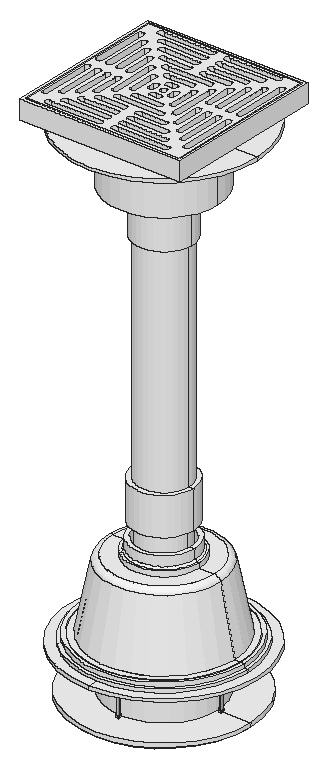
Revit family "R1200-JD-W31P24L-F1444", category Plumbing Fixtures, host Face, Revit 2018
Family settings
  Host = Face
  Round Connector Dimension = Use Radius
  Part Type = Normal
  Cut with Voids When Loaded = No
  Shared = No
  Room Calculation Point = No
Parameters (values of type "R1202,3,4-JD-W31P24L-F1444 -2" Drain Pipe Size")
  WFU = 0
  URL = "WWW.MIFAB.COM"
  Pipe Radius = Pipe Diameter / 2  # 0' - 1"
  Pipe Diameter = 0' - 2"
  No Hub Standard Height = 0' - 6 1/2"
  Model = "R1202,3,4-JD-W31P24L-F1444"
  Manufacturer = "MIFAB"
  Floor Drain Material = Paint - Sherwin Williams Paint - #952C2A - Bellwood Red
  Description = "LARGE GREEN PROMENADE ROOF DRAIN WITH PERFORATED PVC STANDPIPE, STAINLESS STEEL MESH COVERED CAST IRON DOME AND TOP 12\" X 12\" DUCTILE IRON STRAINER"
  Default Elevation = 0' - 0"
  CWFU = 0
  Bottom Height = 0' - 3 1/2"
  Assembly Code = ""
Types (7): name | Pipe Radius | Pipe Diameter | No Hub Standard Height | Model
  (no name) | 0' - 1" | 0' - 2" | 0' - 6 1/2" | "R1202,3,4-JD-W31P24L-F1444"
  R1205,6-JD-W31P24L-F1444-6" Drain Pipe Size | 0' - 3" | 0' - 6" | 0' - 6 1/2" | "R1205,6-JD-W31P24L-F1444"
  R1208-JD-W31P24L-F1444-8" Drain Pipe Size | 0' - 4" | 0' - 8" | 0' - 6 1/2" | "R1208-JD-W31P24L-F1444"
  R1205,6-JD-W31P24L-F1444 -5" Drain Pipe Size | 0' - 2 1/2" | 0' - 5" | 0' - 6 3/4" | "R1205,6-JD-W31P24L-F1444"
  R1202,3,4-JD-W31P24L-F1444 -4" Drain Pipe Size | 0' - 2" | 0' - 4" | 0' - 6 1/2" | "R1202,3,4-JD-W31P24L-F1444"
  R1202,3,4-JD-W31P24L-F1444-3" Drain Pipe Size | 0' - 1 1/2" | 0' - 3" | 0' - 6 7/16" | "R1202,3,4-JD-W31P24L-F1444"
  R1202,3,4-JD-W31P24L-F1444 -2" Drain Pipe Size | 0' - 1" | 0' - 2" | 0' - 6 1/2" | "R1202,3,4-JD-W31P24L-F1444"
Reference planes (in)
  plane 1 "Center (Front/Back)": y = 0
  plane 2: z = 0
  plane 3 "Center (Left/Right)": x = 0
  plane 4: z = -7.25
  plane 5: z = -3
  plane 6: z = -5
  plane 7: y = -1
  plane 8: y = 1
  plane 9: x = -2.5
  plane 10: x = 2.5
  plane 11: z = 6.125
  plane 12: x = 7.5
  plane 13: x = -7.5
  plane 14: y = 7.5
  plane 15: y = -7.5
  plane 16: z = -5.14286
  plane 17: z = -0.25
  plane 18: z = -6.5
  plane 19: y = 3.75
  plane 20: y = -3.75
  plane 21: y = 4.8125
  plane 22: y = -4.8125
  plane 23: x = 6.23869
  plane 24: x = -6.5
  plane 25: z = -3.5
  plane 26: z = -4.26379
  plane 27: x = 6.5
  plane 28: z = 30.52281
  plane 29: z = 37.1875
  plane 30: z = 43.375
  plane 31: z = 6.52281
  plane 32: x = 6.375
  plane 33: x = -6.375
  plane 34: z = 39.3125
  plane 35: z = 37.8125
Forms (in)
  Revolve 1, solid, material "Paint - Sherwin Williams Paint - #952C2A - Bellwood Red" <- "Floor Drain Material"
    sketch origin (0, 0.04396, -2.375) x (0, 1, 0) y (0, 0, 1)
      loop
        line (-4.16896, 2.375) -> (-7.54396, 2.375) -> (-7.54396, 2.125) -> (-4.85646, 2.125) -> (-4.85646, 1.375) -> (-4.29396, 1.375) -> (-4.29396, -2) -> (-1.04396, -2) -> (-1.04396, -4.125) -> (-0.79396, -4.125) -> (-0.79396, -1.75) -> (-3.66896, -1.75) -> (-3.66896, -0.625) -> (-4.16896, -0.625) -> (-4.16896, 2.375)
      axis (-0.04396, 2.375) -> (-0.04396, -4.125)
    angle from 0 to 360
  Revolve 2, solid, material "Paint - Sherwin Williams Paint - #952C2A - Bellwood Red" <- "Floor Drain Material"
    sketch origin (0, 0, 7.5) x (1, 0, 0) y (0, 0, 1)
      loop
        line (2.51054, -1.375) -> (2.51054, -1.70312) -> (4.05571, -1.70312)
        arc (4.05571, -1.70312) -> (4.16387, -1.74143) -> (4.22383, -1.83927) r 0.17188
        line (4.22383, -1.83927) -> (5.37391, -7.25) -> (6.13967, -7.25) -> (6.13967, -6.92209) -> (5.63967, -6.92209) -> (4.54478, -1.77104)
        arc (4.54478, -1.77104) -> (4.37037, -1.48643) -> (4.05571, -1.375) r 0.5
        line (4.05571, -1.375) -> (2.51054, -1.375)
      loop
        line (2.5, -0.07905) -> (2.16384, -0.07905) -> (2.16384, -1.51036) -> (2.5, -1.51036) -> (2.5, -1.36532) -> (2.84059, -1.36532) -> (2.84059, -0.96751) -> (2.63131, -0.96751)
        arc (2.63131, -0.96751) -> (2.53846, -0.92905) -> (2.5, -0.8362) r 0.13131
        line (2.5, -0.8362) -> (2.5, -0.07905)
      axis (0, -7.25) -> (0, -0.07905)
    angle from 0 to 360
  Revolve 3, solid, material "Paint - Sherwin Williams Paint - #952C2A - Bellwood Red" <- "Floor Drain Material"
    sketch origin (0, 0, 0) x (1, 0, 0) y (0, 0, 1)
      loop
        line (6.72286, 0) -> (6.72286, 0.25) -> (6.43654, 0.25) -> (6.43654, 0.57791) -> (6.13967, 0.57791) -> (6.13967, 0.25) -> (1.27391, 0.25) -> (1.27391, 0.40312) -> (0, 0.40312) -> (0, 0) -> (6.72286, 0)
      axis (0, 0) -> (0, 0.57791)
    angle from 0 to 360
  Revolve 4, solid, material "Paint - Sherwin Williams Paint - #952C2A - Bellwood Red" <- "Floor Drain Material"
    sketch origin (0, 0, 0) x (1, 0, 0) y (0, 0, 1)
      loop
        line (6.9375, -3.5) -> (4.35041, -3.5) -> (4.35041, -4.01379) -> (5.35041, -4.01379) -> (5.35041, -4.26379) -> (5.85041, -4.26379) -> (5.85041, -4.01379) -> (6.6875, -4.01379) -> (6.6875, -3.80633) -> (6.9375, -3.80633) -> (6.9375, -3.5)
      axis (0, -4.26379) -> (0, -3.5)
    angle from 0 to 360
  Revolve 5, solid, material "Paint - Sherwin Williams Paint - #952C2A - Bellwood Red" <- "Floor Drain Material"
    sketch origin (0, 0, 0) x (1, 0, 0) y (0, 0, 1)
      loop
        line (-1.89029, 6.82491) -> (-1.57196, 6.82491) -> (-1.57196, 9.24517) -> (-1.89029, 9.24517) -> (-1.89029, 9.99517) -> (-1.73404, 9.99517) -> (-1.73404, 30.52281) -> (-2, 30.52281) -> (-2, 11.67095) -> (-2.39029, 11.67095) -> (-2.39029, 8.67095) -> (-1.89029, 8.67095) -> (-1.89029, 6.82491)
      axis (0, 6.82491) -> (0, 30.52281)
    angle from 0 to 360
  Revolve 6, solid, material "Paint - Sherwin Williams Paint - #952C2A - Bellwood Red" <- "Floor Drain Material"
    sketch origin (0, 0, 0) x (1, 0, 0) y (0, 0, 1)
      loop
        line (-2, 29.02281) -> (-2, 32.27281) -> (-2.23583, 32.27281) -> (-2.23583, 29.02281) -> (-2, 29.02281)
      axis (0, 29.02281) -> (0, 32.27281)
    angle from 0 to 360
  Revolve 7, solid, material "Paint - Sherwin Williams Paint - #952C2A - Bellwood Red" <- "Floor Drain Material"
    sketch origin (0, 0, 0) x (1, 0, 0) y (0, 0, 1)
      loop
        arc (4.08571, 37.1875) -> (4.83362, 37.39663) -> (5.48949, 37.8125) r 2.66509
        line (5.48949, 37.8125) -> (5.07517, 37.8125)
        arc (5.07517, 37.8125) -> (4.55675, 37.55508) -> (3.99196, 37.42841) r 2.41509
        line (3.99196, 37.42841) -> (3.99196, 32.90625) -> (1.74745, 32.90625) -> (1.74745, 30.96031) -> (1.99745, 30.96031) -> (1.99745, 32.65625) -> (4.33571, 32.65625) -> (4.33571, 36.1875) -> (4.71071, 36.1875) -> (4.71071, 36.9375) -> (7.5, 36.9375) -> (7.5, 37.1875) -> (4.08571, 37.1875)
      axis (0, 30.96031) -> (0, 37.8125)
    angle from 0 to 360
  Sweep 8, solid, material "Paint - Sherwin Williams Paint - #952C2A - Bellwood Red" <- "Floor Drain Material"
    path origin (0, 0, 0) x (1, 0, 0) y (0, 1, 0)
      loop
        line (6.125, -6.125) -> (6.125, 6.125) -> (-6.125, 6.125) -> (-6.125, -6.125) -> (6.125, -6.125)
    profile origin (6.125, 0, 0) x (-1, 0, 0) y (0, 0, 1)
      loop
        line (0, 39.3125) -> (-0.25, 39.3125) -> (-0.25, 37.8125) -> (1.4201, 37.8125) -> (1.4201, 38.0625) -> (0, 38.0625) -> (0, 39.3125)
Lines and regions (in)
  model lines, not visible
    curve 1: line (6.7156, 0, 9.07611) -> (12.5156, 0, 9.07611)
    curve 2: line (12.5156, 0, 9.07611) -> (12.5156, 0, 10.82611)
    curve 3: line (12.5156, 0, 10.82611) -> (6.7156, 0, 10.82611)
    curve 4: line (6.7156, 0, 10.82611) -> (6.7156, 0, 9.07611)
    curve 5: line (7.13163, 0, 10.86539) -> (7.13163, 0, 12.86539)
    curve 6: line (7.13163, 0, 12.86539) -> (15.53163, 0, 12.86539)
    curve 7: line (15.53163, 0, 12.86539) -> (15.53163, 0, 10.86539)
    curve 8: line (11.33163, 0, 12.86539) -> (11.33163, 0, 12.36539)
    curve 9: line (0, 28.52778, -10.8585) -> (0, 28.52778, -8.6085)
    curve 10: line (0, 28.52778, -8.6085) -> (0, 21.02778, -8.6085)
    curve 11: line (0, 21.02778, -8.6085) -> (0, 21.02778, -10.8585)
    curve 12: line (0, 24.77778, -8.6085) -> (0, 24.77778, -9.1085)
    curve 13: line (13.30546, 0, 10.44272) -> (13.30546, 0, 12.69272)
    curve 14: line (13.30546, 0, 12.69272) -> (26.80546, 0, 12.69272)
    curve 15: line (26.80546, 0, 12.69272) -> (26.80546, 0, 10.44272)
    curve 16: line (20.05546, 0, 12.69272) -> (20.05546, 0, 13.19272)
    curve 17: line (9.1978, 0, 16.37268) -> (9.1978, 0, 18.62268)
    curve 18: line (9.1978, 0, 18.62268) -> (22.1978, 0, 18.62268)
    curve 19: line (22.1978, 0, 18.62268) -> (22.1978, 0, 16.37268)
    curve 20: line (15.6978, 0, 18.62268) -> (15.6978, 0, 17.87268)
    curve 21: line (12.87155, 0, 48.44633) -> (12.87155, 0, 51.19633)
    curve 22: line (12.87155, 0, 51.19633) -> (25.62155, 0, 51.19633)
    curve 23: line (25.62155, 0, 51.19633) -> (25.62155, 0, 48.44633)
    curve 24: line (19.24655, 0, 51.19633) -> (19.24655, 0, 50.19633)
Dimensions and locks (in)
  locked: plane 5 to plane 4 at 4.25
  equal spacing: plane 8, plane 1 "Center (Front/Back)", plane 7
  "Pipe Diameter": plane 8 to plane 7
  "Pipe Radius": plane 1 "Center (Front/Back)" to plane 7
  plane 11 to level = 0' - 6 1/8"
  plane 13 to plane 3 "Center (Left/Right)" to plane 12 = 0' - 7 1/2" locked, 0' - 7 1/2" locked
  plane 13 to plane 12 = 1' - 3"  (x4)
  plane 15 to plane 1 "Center (Front/Back)" to plane 14 = 0' - 7 1/2" locked, 0' - 7 1/2" locked
  plane 15 to plane 14 = 1' - 3"
  locked: plane 2 to plane 17 at 0.25
  "No Hub Standard Height": plane 2 to plane 18
  equal spacing: plane 19, plane 1 "Center (Front/Back)", plane 20
  plane 19 to plane 20 = 0' - 7 1/2"
  locked: Revolve 1 sketch curve to plane 15 at 2.6875
  plane 21 to plane 22 = 0' - 9 5/8"
  locked: plane 6 to plane 18 at 1.5
  Revolve 1 sketch curve to plane 22 = 0' - 0 9/16"
  locked: plane 11 to plane 2 at 6.125
  locked: plane 25 to plane 26 at 0.76379
  "Bottom Height": plane 2 to plane 25
  equal spacing: plane 24, plane 3 "Center (Left/Right)", plane 27
  plane 24 to plane 27 = 1' - 1"
  locked: plane 28 to plane 31 at 24
  plane 29 to plane 28 = 0' - 6.66469"
  locked: plane 30 to plane 29 at 6.1875
  equal spacing: plane 33, plane 3 "Center (Left/Right)", plane 32
  plane 33 to plane 32 = 1' - 0 3/4"
  locked: plane 34 to plane 35 at 1.5
  plane 2 to plane 18 = 0' - 6 1/2"
  aligned and locked: plane 2 to host face
  aligned and locked: level to host face
  aligned and locked: Revolve 1 sketch curve to plane 18
  aligned and locked: plane 17 to Revolve 1 sketch curve
  aligned and locked: plane 15 to Revolve 1 sketch curve
  aligned and locked: Revolve 2 sketch curve to plane 11
  aligned and locked: plane 25 to Revolve 4 sketch curve
  aligned and locked: plane 26 to Revolve 4 sketch curve
  aligned and locked: plane 1 "Center (Front/Back)" to nested 1
  aligned and locked: nested 1 to Revolve 1
  aligned and locked: nested 2 to Revolve 1
  aligned and locked: nested 3 to Revolve 1
  aligned and locked: nested 4 to Revolve 1
  aligned and locked: nested 2 to plane 1 "Center (Front/Back)"
  aligned and locked: plane 3 "Center (Left/Right)" to nested 4
  aligned and locked: plane 3 "Center (Left/Right)" to nested 3
Automatic sketch dimensions
  curve 5 to curve 7 = 0' - 8.4"
  curve 5 to curve 8 = 0' - 4.2"
  curve 5 to curve 5 = 0' - 2"
  curve 7 to curve 6 = 0' - 2"
  curve 8 to curve 8 = 0' - 0 1/2"
  host sketch curve to host sketch curve = 8' - 0"  (x2)
  Revolve 1 sketch curve to plane 5 = 0' - 0"
  Revolve 1 sketch curve to level = 0' - 0"
  Revolve 1 sketch curve to plane 7 = 0' - 0"
  Revolve 1 sketch curve to plane 1 "Center (Front/Back)" = 0' - 0"
  Revolve 1 sketch curve to plane 4 = 0' - 0"
  Revolve 1 sketch curve to plane 20 = 0' - 0 3/8"
  plane 20 to Revolve 1 sketch curve = 0' - 0 1/8"
  Revolve 1 sketch curve to plane 7 = 0' - 0 1/4"
  Revolve 1 sketch curve to plane 26 = 0' - 0.11121"
  plane 26 to Revolve 1 sketch curve = 0' - 0.13879"
  Revolve 1 sketch curve to plane 17 = 0' - 0 3/4"
  Revolve 1 sketch curve to plane 5 = 0' - 0 1/4"
  Revolve 2 sketch curve to Revolve 2 sketch curve = 0' - 0"  (x3)
  Revolve 2 sketch curve to plane 3 "Center (Left/Right)" = 0' - 0"
  plane 10 to Revolve 2 sketch curve = 0' - 0"  (x2)
  Revolve 2 sketch curve to plane 11 = 0' - 0.13536"
  plane 10 to Revolve 2 sketch curve = 0' - 0.33616"
  Revolve 2 sketch curve to plane 10 = 0' - 0.01054"
  Revolve 2 sketch curve to plane 10 = 0' - 0.13131"
  Revolve 2 sketch curve to Revolve 2 sketch curve = 0' - 0.20928"
  Revolve 2 sketch curve to Revolve 2 sketch curve = 0' - 0.16812"
  Revolve 2 sketch curve to plane 11 = 0' - 0.39604"
  Revolve 2 sketch curve to Revolve 2 sketch curve = 0' - 0.32095"
  level to Revolve 2 sketch curve = 0' - 0 1/4"
  Revolve 2 sketch curve to plane 23 = 0' - 0.86477"
  Revolve 2 sketch curve to Revolve 2 sketch curve = 0' - 0.26576"
  Revolve 2 sketch curve to plane 23 = 0' - 0.09902"
  Revolve 2 sketch curve to Revolve 2 sketch curve = 0' - 0.32791"
  Revolve 2 sketch curve to Revolve 2 sketch curve = 0' - 0.03573"
  plane 11 to Revolve 2 sketch curve = 0' - 0.00968"
  plane 11 to Revolve 2 sketch curve = 0' - 0.40749"
  Revolve 2 sketch curve to Revolve 2 sketch curve = 0' - 0.75716"
  level to Revolve 2 sketch curve = 0' - 2 1/8"
  Revolve 2 sketch curve to Revolve 2 sketch curve = 0' - 0 1/2"
  Revolve 3 sketch curve to plane 3 "Center (Left/Right)" = 0' - 0"  (x2)
  Revolve 3 sketch curve to level = 0' - 0"
  level to Revolve 3 sketch curve = 0' - 0.40312"
  plane 10 to Revolve 3 sketch curve = 0' - 1.22609"
  Revolve 3 sketch curve to plane 23 = 0' - 0.09902"
  Revolve 3 sketch curve to plane 27 = 0' - 0.06346"
  plane 27 to Revolve 3 sketch curve = 0' - 0.22286"
  level to Revolve 3 sketch curve = 0' - 0 1/4"
  Revolve 3 sketch curve to Revolve 3 sketch curve = 0' - 0.15312"
  Revolve 3 sketch curve to Revolve 3 sketch curve = 0' - 0.32791"
  plane 11 to Revolve 3 sketch curve = 0' - 2.65404"
  Revolve 3 sketch curve to Revolve 3 sketch curve = 0' - 1 3/4"
  Revolve 4 sketch curve to plane 3 "Center (Left/Right)" = 0' - 0"
  plane 26 to Revolve 4 sketch curve = 0' - 0 1/4"  (x2)
  Revolve 4 sketch curve to plane 23 = 0' - 0.88828"
  Revolve 4 sketch curve to plane 23 = 0' - 0.38828"
  plane 27 to Revolve 4 sketch curve = 0' - 0 3/16"
  Revolve 4 sketch curve to Revolve 4 sketch curve = 0' - 0 1/4"
  Revolve 4 sketch curve to Revolve 4 sketch curve = 0' - 0.20746"
  plane 11 to Revolve 4 sketch curve = 0' - 11.79464"
  Revolve 4 sketch curve to Revolve 4 sketch curve = 0' - 2 1/4"
  Revolve 5 sketch curve to plane 28 = 0' - 0"
  Revolve 5 sketch curve to plane 3 "Center (Left/Right)" = 0' - 0"
  Revolve 5 sketch curve to plane 9 = 0' - 0.92804"
  Revolve 5 sketch curve to plane 9 = 0' - 0.76596"
  Revolve 5 sketch curve to Revolve 5 sketch curve = 0' - 0 5/32"
  Revolve 5 sketch curve to Revolve 5 sketch curve = 0' - 0"
  Revolve 5 sketch curve to Revolve 5 sketch curve = 0' - 0.26596"
  Revolve 5 sketch curve to plane 9 = 0' - 0.10971"
  plane 11 to Revolve 5 sketch curve = 0' - 5.54595"
  Revolve 5 sketch curve to Revolve 5 sketch curve = 0' - 1 173/256"
  Revolve 5 sketch curve to Revolve 5 sketch curve = 0' - 0 3/4"
  Revolve 5 sketch curve to Revolve 5 sketch curve = 0' - 0 147/256"
  plane 11 to Revolve 5 sketch curve = 0' - 0.69991"
  Revolve 5 sketch curve to plane 29 = 0' - 3.26655"
  Revolve 5 sketch curve to Revolve 5 sketch curve = 0' - 1"
  Revolve 6 sketch curve to plane 3 "Center (Left/Right)" = 0' - 0"
  Revolve 6 sketch curve to plane 9 = 0' - 0 1/2"
  Revolve 6 sketch curve to Revolve 6 sketch curve = 0' - 0.23583"
  Revolve 6 sketch curve to plane 28 = 0' - 1 1/2"
  plane 28 to Revolve 6 sketch curve = 0' - 1 3/4"
  Revolve 6 sketch curve to Revolve 6 sketch curve = 0' - 2.04595"
  Revolve 6 sketch curve to Revolve 6 sketch curve = 0' - 1"
  Revolve 2 sketch curve to Revolve 2 sketch curve = 0' - 1.21511"
  Revolve 4 sketch curve to Revolve 4 sketch curve = 0' - 1"
  Revolve 7 sketch curve to plane 3 "Center (Left/Right)" = 0' - 0"
  Revolve 7 sketch curve to plane 29 = 0' - 0"
  Revolve 7 sketch curve to plane 12 = 0' - 0"
  plane 10 to Revolve 7 sketch curve = 0' - 0.75255"
  Revolve 7 sketch curve to Revolve 7 sketch curve = 0' - 0 1/4"  (x2)
  Revolve 7 sketch curve to plane 10 = 0' - 1.24963"
  Revolve 7 sketch curve to Revolve 7 sketch curve = 0' - 0 11/32"
  Revolve 7 sketch curve to plane 29 = 0' - 0 1/4"
  Revolve 7 sketch curve to Revolve 7 sketch curve = 0' - 0 23/32"
  Revolve 7 sketch curve to Revolve 7 sketch curve = 0' - 0 3/4"
  plane 28 to Revolve 7 sketch curve = 0' - 2.38344"
  plane 28 to Revolve 7 sketch curve = 0' - 0 7/16"
  plane 34 to Revolve 7 sketch curve = 0' - 0.51881"
  Revolve 7 sketch curve to plane 29 = 0' - 2.26655"
  Revolve 7 sketch curve to Revolve 7 sketch curve = 0' - 1"
  Revolve 7 sketch curve to Revolve 7 sketch curve = 0' - 0"  (x2)
  Revolve 7 sketch curve to Revolve 7 sketch curve = 0' - 0 3/32"
  Revolve 7 sketch curve to Revolve 7 sketch curve = 0' - 0.41432"
  plane 29 to Revolve 7 sketch curve = 0' - 0.24091"
  Revolve 7 sketch curve to plane 35 = 0' - 0"
  Sweep 8 sketch curve to profile plane = 0' - 0"
  profile plane to Sweep 8 sketch curve = 0' - 0 1/4"
  Sweep 8 sketch curve to profile plane = 0' - 1.4201"
  level to Sweep 8 sketch curve = 3' - 1 13/16"
  Sweep 8 sketch curve to Sweep 8 sketch curve = 0' - 0 1/4"
  Sweep 8 sketch curve to Sweep 8 sketch curve = 0' - 1 1/4"
  Sweep 8 sketch curve to plane 33 = 0' - 0 1/4"
  Sweep 8 sketch curve to plane 23 = 0' - 0.11369"
  plane 22 to Sweep 8 sketch curve = 0' - 1 5/16"
  Sweep 8 sketch curve to plane 21 = 0' - 1 5/16"
Nested families (in)
  nested 1: "Bolt1" at (-4.55567, 0, -4.01379), type "Bolt1"
    with Height 0' - 3.01379"
  nested 2: "Bolt1" at (4.58798, 0, -4.01379) x (0, 1, 0) z (0, 0, 1), type "Bolt1"
    with Height 0' - 3.01379"
  nested 3: "Bolt1" at (0, 4.57488, -4.01379) x (0, 1, 0) z (0, 0, 1), type "Bolt1"
    with Height 0' - 3.01379"
  nested 4: "Bolt1" at (0, -4.57063, -4.01379) x (0, 1, 0) z (0, 0, 1), type "Bolt1"
    with Height 0' - 3.01379"
  nested 5: "Jali" at (0, 0, 38.14782), type "Jali"
Connectors (in)
  piping at (0, 0, -6.5), diameter 2, driven by "Pipe Radius", driven by "WFU"
    settings: on Revolve 1, index 2, connector inside diameter 2", connector length 0' - 0", flow factor 0, pipe flow 0 GPM, pressure drop 0.00 psi, fitting loss kfactor 0, connector angle 0.00°, fixture units 0, engagement length 0' - 0", angle of deflection 0.00°, flow configuration 3, flow direction 2, fitting loss method 0, system type 16, joint type 0, gender type 0, connector reference index -1, connector utility 0, adjustable connector no, is connector primary yes, connector description "Sanitary Out"
Definition of nested family "Bolt1"
  Parameters (values of type "Bolt1")
    Material = none
    Height [instance] = 1' - 1.38583"
    Default Elevation = 4' - 0"
  Reference planes (in)
    plane 1 "Center (Front/Back)": y = 0
    plane 2: z = 0
    plane 3 "Center (Left/Right)": x = 0
    plane 4: z = 13.38583
    plane 5: z = 0.51562
    plane 6: z = 0.67452
  Forms (in)
    Extrusion 1, solid
      sketch origin (0, 0, 0) x (1, 0, 0) y (0, 1, 0)
        loop
          line (-48, 48) -> (-48, -48) -> (48, -48) -> (48, 48) -> (-48, 48)
      from 0 to -12
    Revolve 2, solid, material <- "Material"
      sketch origin (0, 0, 0) x (1, 0, 0) y (0, 0, 1)
        loop
          line (0, 13.38583) -> (0, -0.33562) -> (0.11073, -0.33562) -> (0.11073, -0.09843) -> (0.20961, -0.09843) -> (0.20961, 0) -> (0.07382, 0) -> (0.07382, 12.93209) -> (0.11234, 12.93209)
          arc (0.11234, 12.93209) -> (0.14919, 12.94735) -> (0.16446, 12.9842) r 0.05211
          line (0.16446, 12.9842) -> (0.16446, 13.38583) -> (0, 13.38583)
        axis (0, -0.33562) -> (0, 13.38583)
      angle from 0 to 360
    Extrusion 3, solid, material <- "Material"
      sketch origin (0, 0, 0) x (1, 0, 0) y (0, 1, 0)
        loop
          line (0, 0.16446) -> (-0.14242, 0.08223) -> (-0.14242, -0.08223) -> (0, -0.16446) -> (0.14242, -0.08223) -> (0.14242, 0.08223) -> (0, 0.16446)
      from 0.51562 to 0.67452
  Dimensions and locks (in)
    "Height": plane 4 to plane 2
    aligned and locked: plane 2 to Extrusion 1
    aligned and locked: level to Extrusion 1
    aligned and locked: Revolve 2 sketch curve to plane 3 "Center (Left/Right)"
    aligned and locked: Extrusion 1 to Revolve 2 sketch curve
    aligned and locked: Extrusion 3 to plane 5
    aligned and locked: plane 6 to Extrusion 3
  Automatic sketch dimensions
    Extrusion 1 sketch curve to Extrusion 1 sketch curve = 8' - 0"  (x2)
    Revolve 2 sketch curve to plane 3 "Center (Left/Right)" = 0' - 0"
    Revolve 2 sketch curve to plane 4 = 0' - 0"
    plane 3 "Center (Left/Right)" to Revolve 2 sketch curve = 0' - 0.07382"
    Revolve 2 sketch curve to Revolve 2 sketch curve = 0' - 0.11073"
    Revolve 2 sketch curve to Revolve 2 sketch curve = 0' - 0.03852"
    plane 3 "Center (Left/Right)" to Revolve 2 sketch curve = 0' - 0.16446"
    Revolve 2 sketch curve to Revolve 2 sketch curve = 0' - 0.13579"
    Revolve 2 sketch curve to level = 0' - 0.09843"
    Revolve 2 sketch curve to Revolve 2 sketch curve = 0' - 0.23719"
    Revolve 2 sketch curve to plane 4 = 0' - 0.45374"
    Revolve 2 sketch curve to Revolve 2 sketch curve = 0' - 5.38878"
    Revolve 2 sketch curve to Revolve 2 sketch curve = 0' - 5.51181"
Definition of nested family "Jali"
  Parameters (values of type "Jali")
    Floor Drain Material = none
  Reference planes (in)
    plane 1 "Center (Front/Back)": y = 0
    plane 2: z = 0
    plane 3 "Center (Left/Right)": x = 0
  Forms (in)
    Extrusion 1, solid, material <- "Floor Drain Material"
      sketch origin (-14.19575, 0, -38.14782) x (1, 0, 0) y (0, 1, 0)
        loop
          line (20.32075, 6.125) -> (8.07075, 6.125) -> (8.07075, -6.125) -> (20.32075, -6.125) -> (20.32075, 6.125)
        loop
          arc (9.48671, -5.38259) -> (9.23671, -5.63259) -> (9.48671, -5.88259) r 0.25
          line (9.48671, -5.88259) -> (13.59469, -5.88259)
          arc (13.59469, -5.88259) -> (13.84469, -5.63259) -> (13.59469, -5.38259) r 0.25
          line (13.59469, -5.38259) -> (9.48671, -5.38259)
        loop
          arc (10.17588, -4.57767) -> (9.92588, -4.82767) -> (10.17588, -5.07767) r 0.25
          line (10.17588, -5.07767) -> (13.59469, -5.07767)
          arc (13.59469, -5.07767) -> (13.84469, -4.82767) -> (13.59469, -4.57767) r 0.25
          line (13.59469, -4.57767) -> (10.17588, -4.57767)
        loop
          arc (10.85046, -3.77276) -> (10.60046, -4.02276) -> (10.85046, -4.27276) r 0.25
          line (10.85046, -4.27276) -> (13.59469, -4.27276)
          arc (13.59469, -4.27276) -> (13.84469, -4.02276) -> (13.59469, -3.77276) r 0.25
          line (13.59469, -3.77276) -> (10.85046, -3.77276)
        loop
          arc (11.57394, -2.96785) -> (11.32394, -3.21785) -> (11.57394, -3.46785) r 0.25
          line (11.57394, -3.46785) -> (13.59469, -3.46785)
          arc (13.59469, -3.46785) -> (13.84469, -3.21785) -> (13.59469, -2.96785) r 0.25
          line (13.59469, -2.96785) -> (11.57394, -2.96785)
        loop
          arc (12.41736, -2.16294) -> (12.16736, -2.41294) -> (12.41736, -2.66294) r 0.25
          line (12.41736, -2.66294) -> (15.97415, -2.66294)
          arc (15.97415, -2.66294) -> (16.22415, -2.41294) -> (15.97415, -2.16294) r 0.25
          line (15.97415, -2.16294) -> (12.41736, -2.16294)
        loop
          arc (13.19639, -1.35802) -> (12.94639, -1.60802) -> (13.19639, -1.85802) r 0.25
          line (13.19639, -1.85802) -> (15.16653, -1.85802)
          arc (15.16653, -1.85802) -> (15.41653, -1.60802) -> (15.16653, -1.35802) r 0.25
          line (15.16653, -1.35802) -> (13.19639, -1.35802)
        loop
          arc (13.98944, -0.55311) -> (13.73944, -0.80311) -> (13.98944, -1.05311) r 0.25
          line (13.98944, -1.05311) -> (14.40207, -1.05311)
          arc (14.40207, -1.05311) -> (14.65207, -0.80311) -> (14.40207, -0.55311) r 0.25
          line (14.40207, -0.55311) -> (13.98944, -0.55311)
        loop
          line (18.90479, -5.38259) -> (14.79681, -5.38259)
          arc (14.79681, -5.38259) -> (14.54681, -5.63259) -> (14.79681, -5.88259) r 0.25
          line (14.79681, -5.88259) -> (18.90479, -5.88259)
          arc (18.90479, -5.88259) -> (19.15479, -5.63259) -> (18.90479, -5.38259) r 0.25
        loop
          line (18.21562, -4.57767) -> (14.79681, -4.57767)
          arc (14.79681, -4.57767) -> (14.54681, -4.82767) -> (14.79681, -5.07767) r 0.25
          line (14.79681, -5.07767) -> (18.21562, -5.07767)
          arc (18.21562, -5.07767) -> (18.46562, -4.82767) -> (18.21562, -4.57767) r 0.25
        loop
          line (17.54104, -3.77276) -> (14.79681, -3.77276)
          arc (14.79681, -3.77276) -> (14.54681, -4.02276) -> (14.79681, -4.27276) r 0.25
          line (14.79681, -4.27276) -> (17.54104, -4.27276)
          arc (17.54104, -4.27276) -> (17.79104, -4.02276) -> (17.54104, -3.77276) r 0.25
        loop
          line (16.81757, -2.96785) -> (14.79681, -2.96785)
          arc (14.79681, -2.96785) -> (14.54681, -3.21785) -> (14.79681, -3.46785) r 0.25
          line (14.79681, -3.46785) -> (16.81757, -3.46785)
          arc (16.81757, -3.46785) -> (17.06757, -3.21785) -> (16.81757, -2.96785) r 0.25
        loop
          line (9.48671, 5.38259) -> (13.59469, 5.38259)
          arc (13.59469, 5.38259) -> (13.84469, 5.63259) -> (13.59469, 5.88259) r 0.25
          line (13.59469, 5.88259) -> (9.48671, 5.88259)
          arc (9.48671, 5.88259) -> (9.23671, 5.63259) -> (9.48671, 5.38259) r 0.25
        loop
          line (10.17588, 4.57767) -> (13.59469, 4.57767)
          arc (13.59469, 4.57767) -> (13.84469, 4.82767) -> (13.59469, 5.07767) r 0.25
          line (13.59469, 5.07767) -> (10.17588, 5.07767)
          arc (10.17588, 5.07767) -> (9.92588, 4.82767) -> (10.17588, 4.57767) r 0.25
        loop
          line (10.85046, 3.77276) -> (13.59469, 3.77276)
          arc (13.59469, 3.77276) -> (13.84469, 4.02276) -> (13.59469, 4.27276) r 0.25
          line (13.59469, 4.27276) -> (10.85046, 4.27276)
          arc (10.85046, 4.27276) -> (10.60046, 4.02276) -> (10.85046, 3.77276) r 0.25
        loop
          line (11.57394, 2.96785) -> (13.59469, 2.96785)
          arc (13.59469, 2.96785) -> (13.84469, 3.21785) -> (13.59469, 3.46785) r 0.25
          line (13.59469, 3.46785) -> (11.57394, 3.46785)
          arc (11.57394, 3.46785) -> (11.32394, 3.21785) -> (11.57394, 2.96785) r 0.25
        loop
          line (12.41736, 2.16294) -> (15.97415, 2.16294)
          arc (15.97415, 2.16294) -> (16.22415, 2.41294) -> (15.97415, 2.66294) r 0.25
          line (15.97415, 2.66294) -> (12.41736, 2.66294)
          arc (12.41736, 2.66294) -> (12.16736, 2.41294) -> (12.41736, 2.16294) r 0.25
        loop
          line (13.19639, 1.35802) -> (15.16653, 1.35802)
          arc (15.16653, 1.35802) -> (15.41653, 1.60802) -> (15.16653, 1.85802) r 0.25
          line (15.16653, 1.85802) -> (13.19639, 1.85802)
          arc (13.19639, 1.85802) -> (12.94639, 1.60802) -> (13.19639, 1.35802) r 0.25
        loop
          line (13.98944, 0.55311) -> (14.40207, 0.55311)
          arc (14.40207, 0.55311) -> (14.65207, 0.80311) -> (14.40207, 1.05311) r 0.25
          line (14.40207, 1.05311) -> (13.98944, 1.05311)
          arc (13.98944, 1.05311) -> (13.73944, 0.80311) -> (13.98944, 0.55311) r 0.25
        loop
          arc (18.90479, 5.38259) -> (19.15479, 5.63259) -> (18.90479, 5.88259) r 0.25
          line (18.90479, 5.88259) -> (14.79681, 5.88259)
          arc (14.79681, 5.88259) -> (14.54681, 5.63259) -> (14.79681, 5.38259) r 0.25
          line (14.79681, 5.38259) -> (18.90479, 5.38259)
        loop
          arc (18.21562, 4.57767) -> (18.46562, 4.82767) -> (18.21562, 5.07767) r 0.25
          line (18.21562, 5.07767) -> (14.79681, 5.07767)
          arc (14.79681, 5.07767) -> (14.54681, 4.82767) -> (14.79681, 4.57767) r 0.25
          line (14.79681, 4.57767) -> (18.21562, 4.57767)
        loop
          arc (17.54104, 3.77276) -> (17.79104, 4.02276) -> (17.54104, 4.27276) r 0.25
          line (17.54104, 4.27276) -> (14.79681, 4.27276)
          arc (14.79681, 4.27276) -> (14.54681, 4.02276) -> (14.79681, 3.77276) r 0.25
          line (14.79681, 3.77276) -> (17.54104, 3.77276)
        loop
          arc (16.81757, 2.96785) -> (17.06757, 3.21785) -> (16.81757, 3.46785) r 0.25
          line (16.81757, 3.46785) -> (14.79681, 3.46785)
          arc (14.79681, 3.46785) -> (14.54681, 3.21785) -> (14.79681, 2.96785) r 0.25
          line (14.79681, 2.96785) -> (16.81757, 2.96785)
        loop
          arc (19.57834, -4.70904) -> (19.82834, -4.95904) -> (20.07834, -4.70904) r 0.25
          line (20.07834, -4.70904) -> (20.07834, -0.60106)
          arc (20.07834, -0.60106) -> (19.82834, -0.35106) -> (19.57834, -0.60106) r 0.25
          line (19.57834, -0.60106) -> (19.57834, -4.70904)
        loop
          arc (18.77343, -4.01987) -> (19.02343, -4.26987) -> (19.27343, -4.01987) r 0.25
          line (19.27343, -4.01987) -> (19.27343, -0.60106)
          arc (19.27343, -0.60106) -> (19.02343, -0.35106) -> (18.77343, -0.60106) r 0.25
          line (18.77343, -0.60106) -> (18.77343, -4.01987)
        loop
          arc (17.96851, -3.34529) -> (18.21851, -3.59529) -> (18.46851, -3.34529) r 0.25
          line (18.46851, -3.34529) -> (18.46851, -0.60106)
          arc (18.46851, -0.60106) -> (18.21851, -0.35106) -> (17.96851, -0.60106) r 0.25
          line (17.96851, -0.60106) -> (17.96851, -3.34529)
        loop
          arc (17.1636, -2.62181) -> (17.4136, -2.87181) -> (17.6636, -2.62181) r 0.25
          line (17.6636, -2.62181) -> (17.6636, -0.60106)
          arc (17.6636, -0.60106) -> (17.4136, -0.35106) -> (17.1636, -0.60106) r 0.25
          line (17.1636, -0.60106) -> (17.1636, -2.62181)
        loop
          arc (16.35869, -1.7784) -> (16.60869, -2.0284) -> (16.85869, -1.7784) r 0.25
          line (16.85869, -1.7784) -> (16.85869, 1.7784)
          arc (16.85869, 1.7784) -> (16.60869, 2.0284) -> (16.35869, 1.7784) r 0.25
          line (16.35869, 1.7784) -> (16.35869, -1.7784)
        loop
          arc (15.55378, -0.99936) -> (15.80378, -1.24936) -> (16.05378, -0.99936) r 0.25
          line (16.05378, -0.99936) -> (16.05378, 0.97078)
          arc (16.05378, 0.97078) -> (15.80378, 1.22078) -> (15.55378, 0.97078) r 0.25
          line (15.55378, 0.97078) -> (15.55378, -0.99936)
        loop
          arc (14.74886, -0.20632) -> (14.99886, -0.45632) -> (15.24886, -0.20632) r 0.25
          line (15.24886, -0.20632) -> (15.24886, 0.20632)
          arc (15.24886, 0.20632) -> (14.99886, 0.45632) -> (14.74886, 0.20632) r 0.25
          line (14.74886, 0.20632) -> (14.74886, -0.20632)
        loop
          line (19.57834, 4.70904) -> (19.57834, 0.60106)
          arc (19.57834, 0.60106) -> (19.82834, 0.35106) -> (20.07834, 0.60106) r 0.25
          line (20.07834, 0.60106) -> (20.07834, 4.70904)
          arc (20.07834, 4.70904) -> (19.82834, 4.95904) -> (19.57834, 4.70904) r 0.25
        loop
          line (18.77343, 4.01987) -> (18.77343, 0.60106)
          arc (18.77343, 0.60106) -> (19.02343, 0.35106) -> (19.27343, 0.60106) r 0.25
          line (19.27343, 0.60106) -> (19.27343, 4.01987)
          arc (19.27343, 4.01987) -> (19.02343, 4.26987) -> (18.77343, 4.01987) r 0.25
        loop
          line (17.96851, 3.34529) -> (17.96851, 0.60106)
          arc (17.96851, 0.60106) -> (18.21851, 0.35106) -> (18.46851, 0.60106) r 0.25
          line (18.46851, 0.60106) -> (18.46851, 3.34529)
          arc (18.46851, 3.34529) -> (18.21851, 3.59529) -> (17.96851, 3.34529) r 0.25
        loop
          line (17.1636, 2.62181) -> (17.1636, 0.60106)
          arc (17.1636, 0.60106) -> (17.4136, 0.35106) -> (17.6636, 0.60106) r 0.25
          line (17.6636, 0.60106) -> (17.6636, 2.62181)
          arc (17.6636, 2.62181) -> (17.4136, 2.87181) -> (17.1636, 2.62181) r 0.25
        loop
          line (8.81316, -4.70904) -> (8.81316, -0.60106)
          arc (8.81316, -0.60106) -> (8.56316, -0.35106) -> (8.31316, -0.60106) r 0.25
          line (8.31316, -0.60106) -> (8.31316, -4.70904)
          arc (8.31316, -4.70904) -> (8.56316, -4.95904) -> (8.81316, -4.70904) r 0.25
        loop
          line (9.61808, -4.01987) -> (9.61808, -0.60106)
          arc (9.61808, -0.60106) -> (9.36808, -0.35106) -> (9.11808, -0.60106) r 0.25
          line (9.11808, -0.60106) -> (9.11808, -4.01987)
          arc (9.11808, -4.01987) -> (9.36808, -4.26987) -> (9.61808, -4.01987) r 0.25
        loop
          line (10.42299, -3.34529) -> (10.42299, -0.60106)
          arc (10.42299, -0.60106) -> (10.17299, -0.35106) -> (9.92299, -0.60106) r 0.25
          line (9.92299, -0.60106) -> (9.92299, -3.34529)
          arc (9.92299, -3.34529) -> (10.17299, -3.59529) -> (10.42299, -3.34529) r 0.25
        loop
          line (11.2279, -2.62181) -> (11.2279, -0.60106)
          arc (11.2279, -0.60106) -> (10.9779, -0.35106) -> (10.7279, -0.60106) r 0.25
          line (10.7279, -0.60106) -> (10.7279, -2.62181)
          arc (10.7279, -2.62181) -> (10.9779, -2.87181) -> (11.2279, -2.62181) r 0.25
        loop
          line (12.03282, -1.7784) -> (12.03282, 1.7784)
          arc (12.03282, 1.7784) -> (11.78282, 2.0284) -> (11.53282, 1.7784) r 0.25
          line (11.53282, 1.7784) -> (11.53282, -1.7784)
          arc (11.53282, -1.7784) -> (11.78282, -2.0284) -> (12.03282, -1.7784) r 0.25
        loop
          line (12.83773, -0.99936) -> (12.83773, 0.97078)
          arc (12.83773, 0.97078) -> (12.58773, 1.22078) -> (12.33773, 0.97078) r 0.25
          line (12.33773, 0.97078) -> (12.33773, -0.99936)
          arc (12.33773, -0.99936) -> (12.58773, -1.24936) -> (12.83773, -0.99936) r 0.25
        loop
          line (13.64264, -0.20632) -> (13.64264, 0.20632)
          arc (13.64264, 0.20632) -> (13.39264, 0.45632) -> (13.14264, 0.20632) r 0.25
          line (13.14264, 0.20632) -> (13.14264, -0.20632)
          arc (13.14264, -0.20632) -> (13.39264, -0.45632) -> (13.64264, -0.20632) r 0.25
        loop
          arc (8.81316, 4.70904) -> (8.56316, 4.95904) -> (8.31316, 4.70904) r 0.25
          line (8.31316, 4.70904) -> (8.31316, 0.60106)
          arc (8.31316, 0.60106) -> (8.56316, 0.35106) -> (8.81316, 0.60106) r 0.25
          line (8.81316, 0.60106) -> (8.81316, 4.70904)
        loop
          arc (9.61808, 4.01987) -> (9.36808, 4.26987) -> (9.11808, 4.01987) r 0.25
          line (9.11808, 4.01987) -> (9.11808, 0.60106)
          arc (9.11808, 0.60106) -> (9.36808, 0.35106) -> (9.61808, 0.60106) r 0.25
          line (9.61808, 0.60106) -> (9.61808, 4.01987)
        loop
          arc (10.42299, 3.34529) -> (10.17299, 3.59529) -> (9.92299, 3.34529) r 0.25
          line (9.92299, 3.34529) -> (9.92299, 0.60106)
          arc (9.92299, 0.60106) -> (10.17299, 0.35106) -> (10.42299, 0.60106) r 0.25
          line (10.42299, 0.60106) -> (10.42299, 3.34529)
        loop
          arc (11.2279, 2.62181) -> (10.9779, 2.87181) -> (10.7279, 2.62181) r 0.25
          line (10.7279, 2.62181) -> (10.7279, 0.60106)
          arc (10.7279, 0.60106) -> (10.9779, 0.35106) -> (11.2279, 0.60106) r 0.25
          line (11.2279, 0.60106) -> (11.2279, 2.62181)
        loop
          circle (14.19575, 0) r 0.25
      from 38.14782 to 39.3125
  Dimensions and locks (in)
    aligned and locked: level to plane 2
